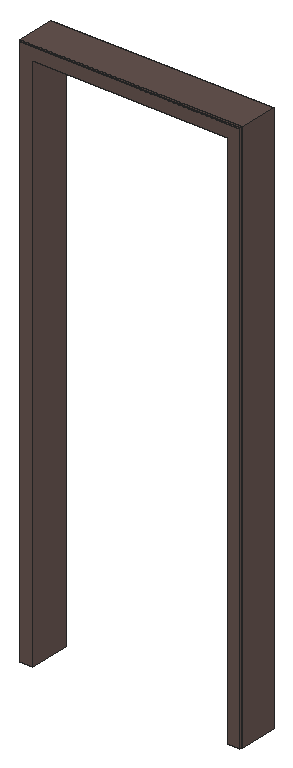
Revit family "RYN_DOR_Architrave_Fr.ST.AL", category Doors, host Wall, Revit 2025
Family settings
  Host = Wall
  OmniClass Number = 23.30.10.00
  OmniClass Title = Doors
  Always vertical = Yes
  Cut with Voids When Loaded = No
  Shared = No
  Room Calculation Point = No
Parameters (values of type "W800 X H2000 mm")
  Visual Light Transmittance = 0
  Type Comments = "RYN_DOR_Swing_1Panel_In.ST_Fr.ST"
  Thickness = 0.00 mm
  Thermal Resistance (R) = 0.270117 (m²·K)/W
  Swing Angle [instance] = 90.00°
  Solar Heat Gain Coefficient = 0
  RYN_Material_Glass = Door - Panel In Timber
  RYN_Material_DoorLeaf = RYN_MAT_DoorPanel_Timber
  RYN_Material_DoorFrame = RYN_MAT_DoorFrame_Timber
  RYN_Door_Width = 800.00 mm
  RYN_Door_TrimProjection = 25.00 mm
  RYN_Door_PanelWidth = RYN_Door_Width - 2 * RYN_Door_FrameDepth  # 700.00 mm
  RYN_Door_PanelThickness = 25.00 mm
  RYN_Door_PanelHeight = RYN_Door_Height - RYN_Door_FrameDepth  # 1950.00 mm
  RYN_Door_OffsetFromExternalSide = 25.00 mm
  RYN_Door_Name = ""
  RYN_Door_Height = 2000.00 mm
  RYN_Door_HandleOffset = 75.00 mm
  RYN_Door_HandleHeight = 900.00 mm
  RYN_Door_GlassThickness = 12.00 mm
  RYN_Door_FrameWidth = 150.00 mm
  RYN_Door_FrameDepth = 50.00 mm
  RYN_Door_Area = Width * Height  # 1.60 m²
  LVR OFF = 100.00 mm
  LVR NOS = 25
  LOUVER = not([GLASS / TIMBER])  # no
  GLASS / TIMBER = yes
  Description = "1 Panel Swing Door - Solid Timber Panel - Solid Timber Frame"
  Define Thermal Properties by = Schematic Type
  Construction Type Id = "MDOOR"
  Heat Transfer Coefficient (U) = 3.7021 W/(m²·K)
  Function = Interior
  Height = RYN_Door_Height  # 2000.00 mm
  Wall Closure = By host
  Width = RYN_Door_Width  # 800.00 mm
  Analytic Construction = "Metal"
Types (2, lengths in mm): name | RYN_Door_Width | RYN_Door_PanelWidth | RYN_Door_PanelHeight | RYN_Door_Height | RYN_Door_Area | Height | Width
  W800 X H2000 mm | 800.00 | 700.00 | 1950.00 | 2000.00 | 1.60 m² | 2000.00 | 800.00
  W800 X H2150 mm | 900.00 | 800.00 | 2550.00 | 2600.00 | 2.34 m² | 2600.00 | 900.00
Reference planes
  plane 1: y = 0
  plane 2: z = 600
  plane 3: x = 0
  plane 4: x = -350
  plane 5: x = 350
  plane 6: z = 2550
  plane 7: z = 2000
  plane 8 "WALL": y = 75
  plane 9: y = 25
  plane 10: y = 50
  plane 11: z = 1500
  plane 12: x = -275
  plane 13: x = -400
  plane 14: x = 400
  plane 15 "Door Off": y = 50
  plane 16 "2": y = 25
  plane 17 "3": y = -100
  plane 18: x = -400
  plane 19: x = 400
  plane 20: y = -125
Forms (mm)
  Sweep 1, solid, material "RYN_MAT_DoorFrame_Timber" <- "RYN_Material_DoorFrame"
    path origin (0, 50, 0) x (-1, 0, 0) y (0, 0, 1)
      loop
        line (-400, 0) -> (-400, 2000) -> (400, 2000) -> (400, 0)
    profile "RYN_DOR_PRO_Frame : RYN_DOR_PRO_Frame" origin (400, 50, 1000) x (-1, 0, 0) y (0, 1, 0)
      loop
        line (0, -145) -> (5, -145) -> (5, -150) -> (50, -150) -> (50, 0) -> (5, 0) -> (5, -5) -> (0, -5) -> (0, -145)
Lines and regions (mm)
  Opening 1
    outline origin (-1524, -125, 3657.6) x (0, 0, -1) y (1, 0, 0)
      loop
        line (1657.6, 1124) -> (3657.6, 1124) -> (3657.6, 1924) -> (1657.6, 1924) -> (1657.6, 1124)
  model lines, style "DoorsFrameMullionProjection"
    curve 1: line (-400, 75, 2000) -> (400, 75, 2000)
  model lines
    curve 2: line (-400, -125, 0) -> (-400, 75, 0)
    curve 3: line (400, -125, 0) -> (400, 75, 0)
  symbolic lines, style "DoorsHiddenLines"
    curve 4: line (-400, -125, 0) -> (400, -125, 0)
    curve 5: line (-400, 75, 0) -> (400, 75, 0)
    curve 6: line (-350, -126.2, 0) -> (350, -126.2, 1950)
    curve 7: line (350, -126.2, 0) -> (-350, -126.2, 1950)
Dimensions and locks
  equal spacing: plane 4, plane 3, plane 5
  "RYN_Door_PanelWidth": plane 4 to plane 5
  control icon elem to plane 5 = 154.408 mm
  "RYN_Door_PanelHeight": plane 6 to plane 2
  locked: curve 1 to host wall
  plane 6 to level = 2550.00 mm
  "RYN_Door_Height": plane 7 to level
  equal spacing: plane 8 "WALL", plane 10, plane 9
  "RYN_Door_HandleHeight": plane 11 to plane 2
  "RYN_Door_HandleOffset": plane 4 to plane 12
  equal spacing: plane 14, plane 3, plane 13
  "RYN_Door_Width": plane 14 to plane 13
  "RYN_Door_OffsetFromExternalSide": plane 8 "WALL" to plane 15 "Door Off"
  "RYN_Door_PanelThickness": plane 15 "Door Off" to plane 16 "2"
  "RYN_Door_FrameWidth": plane 15 "Door Off" to plane 17 "3"
  equal spacing: plane 18, plane 3, plane 19
  "RYN_Door_Width": plane 18 to plane 19
  aligned and locked: plane 8 "WALL" to host wall
  aligned and locked: plane 13 to Opening 1 sketch curve
  aligned and locked: plane 7 to Opening 1 sketch curve
  aligned and locked: plane 14 to Opening 1 sketch curve
  aligned and locked: curve 2 to host wall
  aligned and locked: plane 13 to Sweep 1 sketch curve
  aligned and locked: plane 7 to Sweep 1 sketch curve
  aligned and locked: plane 14 to Sweep 1 sketch curve
  aligned and locked: level to Sweep 1 sketch curve  (x2)
  aligned and locked: curve 4 to plane 19
  aligned and locked: plane 18 to curve 5
  aligned and locked: curve 5 to plane 19
  aligned and locked: curve 5 to plane 8 "WALL"
  aligned and locked: plane 20 to host wall
  aligned and locked: plane 20 to curve 4
Automatic sketch dimensions
  Opening 1 sketch curve to level = 0.00 mm
  plane 14 to curve 1 = 0.00 mm
  curve 1 to plane 7 = 0.00 mm
  curve 1 to plane 13 = 0.00 mm
  plane 4 to curve 7 = 0.00 mm
  curve 6 to level = 0.00 mm
  plane 4 to curve 6 = 0.00 mm
  curve 7 to level = 0.00 mm
  plane 5 to curve 7 = 0.00 mm
  plane 5 to curve 6 = 0.00 mm
  plane 7 to curve 7 = 50.00 mm
  plane 7 to curve 6 = 50.00 mm
